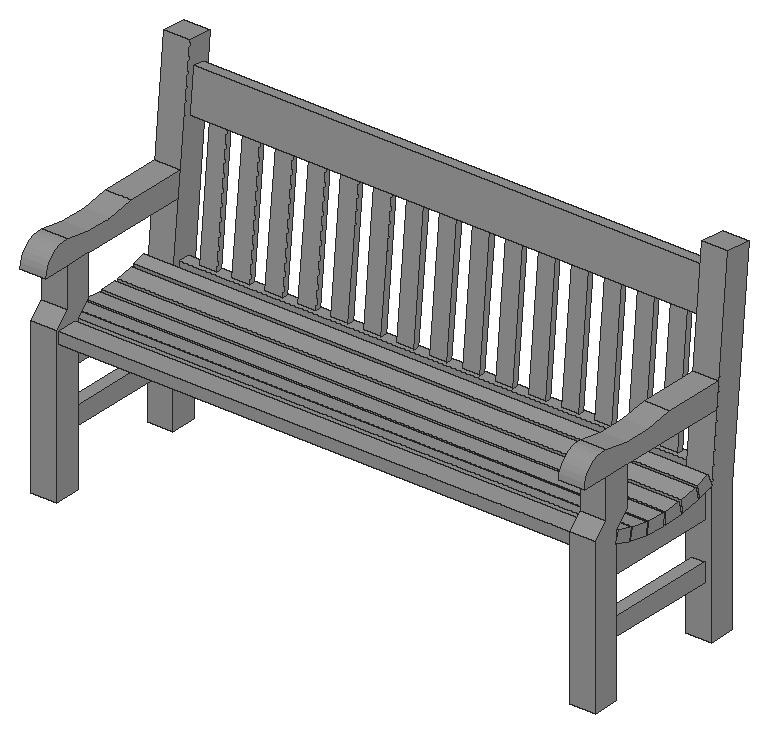
Revit family "Скамейка деревянная «Городец» Арт 15199", category Антураж, Revit 2018
Family settings
  На основе рабочей плоскости = Нет
  Всегда вертикально = Да
  При загрузке вырезать с полостями = Нет
  Источник визуального образа = Геометрия семейства
  Общий = Нет
  Точка расчета площади = Нет
Parameters (values of type "Скамейка деревянная «Городец»")
  Цвет лавки = Лиственница
  Описание = "Скамейка деревянная «Городец»"  # constant formula
  Материал изделия = "Дерево"  # constant formula
  Изображение типоразмера = Скамейка деревянная «Городец» Арт 15199.jpg
  Изготовитель = "ООО «Хоббика»"  # constant formula
  Длина = 1650 mm  # constant formula
  Ширина = 600 mm  # constant formula
  Группа модели = "Садовые скамейки"  # constant formula
  Высота = 1000 mm  # constant formula
  Артикул товара = "Арт. 15199"  # constant formula
  URL = "https://hobbyka.ru/product/skameyka_derevyannaya_gorodets/"
Reference planes
  plane 1 "По центру (Вперед/Назад)": y = 0
  plane 2: z = 0
  plane 3 "По центру (Влево/Вправо)": x = 0
  plane 4: x = 1650
  plane 5: y = 600
  plane 6: z = 1000
Forms (mm)
  Extrusion 1, solid, material "Лиственница" <- "Цвет лавки"
    sketch origin (0, 0, 0) x (0, 1, 0) y (0, 0, 1)
      loop
        line (540, 0) -> (540, 380) -> (599.301, 992.776) -> (524.65, 1000) -> (465, 401.599) -> (465, 0) -> (540, 0)
      loop
        line (40, 0) -> (115, 0) -> (115, 448.934) -> (153.891, 487.825) -> (153.891, 603.891) -> (78.891, 603.891) -> (78.891, 488.891) -> (40, 450) -> (40, 0)
    from 0 to 75
  Extrusion 2, solid, material "Лиственница" <- "Цвет лавки"
    sketch origin (0, 0, 0) x (0, 1, 0) y (0, 0, 1)
      loop
        line (465, 204.377) -> (115, 204.377) -> (115, 149.815) -> (465, 149.815) -> (465, 204.377)
      loop
        line (465, 314.377) -> (465, 401.599)
        arc (465, 401.599) -> (289.938, 370.167) -> (115, 402.277) r 497.855
        line (115, 402.277) -> (115, 314.377) -> (465, 314.377)
    from 20 to 55
  Extrusion 3, solid, material "Лиственница" <- "Цвет лавки"
    sketch origin (0, 0, 0) x (0, 1, 0) y (0, 0, 1)
      loop
        arc (78.891, 673.891) -> (24.212, 656.059) -> (0, 603.891) r 72.058
        line (0, 603.891) -> (486.316, 603.891) -> (493.091, 673.891) -> (313.891, 673.891)
        arc (313.891, 673.891) -> (196.391, 659.741) -> (78.891, 673.891) r 494.925
    from 0 to 75
  Extrusion 4, solid, material "Лиственница" <- "Цвет лавки"
    sketch origin (0, 0, 0) x (0, 1, 0) y (0, 0, 1)
      loop
        line (105, 448.934) -> (45, 448.934) -> (45, 413.934) -> (105, 413.934) -> (105, 448.934)
    from 75 to 1575
  Extrusion 5, solid, material "Лиственница" <- "Цвет лавки"
    sketch origin (0, 0, 0) x (0, 1, 0) y (0, 0, 1)
      loop
        arc (452.866, 444.78) -> (434.226, 438.718) -> (415.362, 433.395) r 498.393
        line (415.362, 433.395) -> (423.587, 398.554)
        arc (423.587, 398.554) -> (444.398, 404.354) -> (464.957, 410.994) r 532.879
        line (464.957, 410.994) -> (452.866, 444.78)
      loop
        arc (115.573, 411.467) -> (138.278, 404.12) -> (161.289, 397.796) r 532.879
        line (161.289, 397.796) -> (170.508, 431.631)
        arc (170.508, 431.631) -> (148.397, 437.6) -> (126.584, 444.579) r 497.762
        line (126.584, 444.579) -> (115.573, 411.467)
      loop
        arc (170.037, 395.68) -> (196.97, 390.134) -> (224.153, 385.985) r 532.879
        line (224.153, 385.985) -> (229.275, 420.877)
        arc (229.275, 420.877) -> (203.013, 424.785) -> (176.995, 430.085) r 498.393
        line (176.995, 430.085) -> (170.037, 395.68)
      loop
        arc (233.092, 384.932) -> (260.495, 382.653) -> (287.98, 381.79) r 532.879
        line (287.98, 381.79) -> (288.885, 417.231)
        arc (288.885, 417.231) -> (263.063, 417.93) -> (237.311, 419.966) r 498.393
        line (237.311, 419.966) -> (233.092, 384.932)
      loop
        arc (296.98, 381.816) -> (324.461, 382.837) -> (351.853, 385.274) r 532.879
        line (351.853, 385.274) -> (346.74, 420.533)
        arc (346.74, 420.533) -> (321.895, 418.287) -> (296.97, 417.287) r 498.393
        line (296.97, 417.287) -> (296.98, 381.816)
      loop
        arc (360.78, 386.378) -> (387.94, 390.683) -> (414.841, 396.385) r 532.879
        line (414.841, 396.385) -> (406.913, 431.268)
        arc (406.913, 431.268) -> (381.99, 425.895) -> (356.825, 421.804) r 498.393
        line (356.825, 421.804) -> (360.78, 386.378)
    from 0 to 1650
  Extrusion 6, solid, material "Лиственница" <- "Цвет лавки"
    sketch origin (1650, 0, 0) x (0, 1, 0) y (0, 0, -1)
      loop
        line (540, 0) -> (465, 0) -> (465, -401.599) -> (524.65, -1000) -> (599.301, -992.776) -> (540, -380) -> (540, 0)
      loop
        line (40, 0) -> (40, -450) -> (78.891, -488.891) -> (78.891, -603.891) -> (153.891, -603.891) -> (153.891, -487.825) -> (115, -448.934) -> (115, 0) -> (40, 0)
    from 0 to 75
  Extrusion 7, solid, material "Лиственница" <- "Цвет лавки"
    sketch origin (1650, 0, 0) x (0, 1, 0) y (0, 0, -1)
      loop
        line (465, -204.377) -> (465, -149.815) -> (115, -149.815) -> (115, -204.377) -> (465, -204.377)
      loop
        line (465, -314.377) -> (115, -314.377) -> (115, -402.277)
        arc (115, -402.277) -> (289.938, -370.167) -> (465, -401.599) r 497.855
        line (465, -401.599) -> (465, -314.377)
    from 20 to 55
  Extrusion 8, solid, material "Лиственница" <- "Цвет лавки"
    sketch origin (1650, 0, 0) x (0, 1, 0) y (0, 0, -1)
      loop
        arc (78.891, -673.891) -> (196.391, -659.741) -> (313.891, -673.891) r 494.925
        line (313.891, -673.891) -> (493.091, -673.891) -> (486.316, -603.891) -> (0, -603.891)
        arc (0, -603.891) -> (24.212, -656.059) -> (78.891, -673.891) r 72.058
    from 0 to 75
  Extrusion 9, solid, material "Лиственница" <- "Цвет лавки"
    sketch origin (0, 0, 0) x (0, 1, 0) y (0, 0, 1)
      loop
        line (572.651, 925.028) -> (537.613, 928.418) -> (525.225, 804.136) -> (560.611, 800.608) -> (572.651, 925.028)
      loop
        line (520, 439.377) -> (485, 439.377) -> (485, 314.377) -> (520, 314.377) -> (520, 439.377)
    from 75 to 1575
  Extrusion 10, solid, material "Лиственница" <- "Цвет лавки"
    sketch origin (0, 544.551, 998.016) x (0, 0.09919, 0.995069) y (-1, 0, 0)
      loop
        line (-194.841, -125) -> (-566.999, -125) -> (-566.999, -175) -> (-194.841, -175) -> (-194.841, -125)
    from -10 to -25
  Extrusion 11, solid, material "Лиственница" <- "Цвет лавки"
    sketch origin (1350, 544.551, 998.016) x (0, 0.09919, 0.995069) y (-1, 0, 0)
      loop
        line (-194.841, -125) -> (-566.999, -125) -> (-566.999, -175) -> (-194.841, -175) -> (-194.841, -125)
    from -10 to -25
  Extrusion 12, solid, material "Лиственница" <- "Цвет лавки"
    sketch origin (96.429, 544.551, 998.016) x (0, 0.09919, 0.995069) y (-1, 0, 0)
      loop
        line (-194.841, -125) -> (-566.999, -125) -> (-566.999, -175) -> (-194.841, -175) -> (-194.841, -125)
    from -10 to -25
  Extrusion 13, solid, material "Лиственница" <- "Цвет лавки"
    sketch origin (192.857, 544.551, 998.016) x (0, 0.09919, 0.995069) y (-1, 0, 0)
      loop
        line (-194.841, -125) -> (-566.999, -125) -> (-566.999, -175) -> (-194.841, -175) -> (-194.841, -125)
    from -10 to -25
  Extrusion 14, solid, material "Лиственница" <- "Цвет лавки"
    sketch origin (289.286, 544.551, 998.016) x (0, 0.09919, 0.995069) y (-1, 0, 0)
      loop
        line (-194.841, -125) -> (-566.999, -125) -> (-566.999, -175) -> (-194.841, -175) -> (-194.841, -125)
    from -10 to -25
  Extrusion 15, solid, material "Лиственница" <- "Цвет лавки"
    sketch origin (385.714, 544.551, 998.016) x (0, 0.09919, 0.995069) y (-1, 0, 0)
      loop
        line (-194.841, -125) -> (-566.999, -125) -> (-566.999, -175) -> (-194.841, -175) -> (-194.841, -125)
    from -10 to -25
  Extrusion 16, solid, material "Лиственница" <- "Цвет лавки"
    sketch origin (482.143, 544.551, 998.016) x (0, 0.09919, 0.995069) y (-1, 0, 0)
      loop
        line (-194.841, -125) -> (-566.999, -125) -> (-566.999, -175) -> (-194.841, -175) -> (-194.841, -125)
    from -10 to -25
  Extrusion 17, solid, material "Лиственница" <- "Цвет лавки"
    sketch origin (578.571, 544.551, 998.016) x (0, 0.09919, 0.995069) y (-1, 0, 0)
      loop
        line (-194.841, -125) -> (-566.999, -125) -> (-566.999, -175) -> (-194.841, -175) -> (-194.841, -125)
    from -10 to -25
  Extrusion 18, solid, material "Лиственница" <- "Цвет лавки"
    sketch origin (675, 544.551, 998.016) x (0, 0.09919, 0.995069) y (-1, 0, 0)
      loop
        line (-194.841, -125) -> (-566.999, -125) -> (-566.999, -175) -> (-194.841, -175) -> (-194.841, -125)
    from -10 to -25
  Extrusion 19, solid, material "Лиственница" <- "Цвет лавки"
    sketch origin (771.429, 544.551, 998.016) x (0, 0.09919, 0.995069) y (-1, 0, 0)
      loop
        line (-194.841, -125) -> (-566.999, -125) -> (-566.999, -175) -> (-194.841, -175) -> (-194.841, -125)
    from -10 to -25
  Extrusion 20, solid, material "Лиственница" <- "Цвет лавки"
    sketch origin (867.857, 544.551, 998.016) x (0, 0.09919, 0.995069) y (-1, 0, 0)
      loop
        line (-194.841, -125) -> (-566.999, -125) -> (-566.999, -175) -> (-194.841, -175) -> (-194.841, -125)
    from -10 to -25
  Extrusion 21, solid, material "Лиственница" <- "Цвет лавки"
    sketch origin (964.286, 544.551, 998.016) x (0, 0.09919, 0.995069) y (-1, 0, 0)
      loop
        line (-194.841, -125) -> (-566.999, -125) -> (-566.999, -175) -> (-194.841, -175) -> (-194.841, -125)
    from -10 to -25
  Extrusion 22, solid, material "Лиственница" <- "Цвет лавки"
    sketch origin (1060.714, 544.551, 998.016) x (0, 0.09919, 0.995069) y (-1, 0, 0)
      loop
        line (-194.841, -125) -> (-566.999, -125) -> (-566.999, -175) -> (-194.841, -175) -> (-194.841, -125)
    from -10 to -25
  Extrusion 23, solid, material "Лиственница" <- "Цвет лавки"
    sketch origin (1157.143, 544.551, 998.016) x (0, 0.09919, 0.995069) y (-1, 0, 0)
      loop
        line (-194.841, -125) -> (-566.999, -125) -> (-566.999, -175) -> (-194.841, -175) -> (-194.841, -125)
    from -10 to -25
  Extrusion 24, solid, material "Лиственница" <- "Цвет лавки"
    sketch origin (1253.571, 544.551, 998.016) x (0, 0.09919, 0.995069) y (-1, 0, 0)
      loop
        line (-194.841, -125) -> (-566.999, -125) -> (-566.999, -175) -> (-194.841, -175) -> (-194.841, -125)
    from -10 to -25
Dimensions and locks
  "Длина": plane 3 "По центру (Влево/Вправо)" to plane 4
  "Ширина": plane 5 to plane 1 "По центру (Вперед/Назад)"
  "Высота": plane 6 to plane 2
  equal spacing: group 1, group 3, group 4, group 5, group 6, group 7, group 8, group 9, group 10, group 11, group 12, group 13, group 14, group 15, group 2  (x3)
  aligned and locked: level to plane 2
Automatic sketch dimensions
  Extrusion 1 sketch curve to level = 0 mm  (x2)
  Extrusion 1 sketch curve to plane 6 = 0 mm
  Extrusion 1 sketch curve to plane 1 "По центру (Вперед/Назад)" = 40 mm
  Extrusion 1 sketch curve to Extrusion 1 sketch curve = 38.891 mm  (x2)
  Extrusion 1 sketch curve to Extrusion 1 sketch curve = 36.109 mm
  Extrusion 1 sketch curve to Extrusion 1 sketch curve = 75 mm
  Extrusion 1 sketch curve to plane 5 = 135 mm
  Extrusion 1 sketch curve to plane 5 = 75.35 mm
  Extrusion 1 sketch curve to plane 5 = 60 mm
  Extrusion 1 sketch curve to plane 5 = 0.699 mm
  level to Extrusion 1 sketch curve = 380 mm
  Extrusion 1 sketch curve to Extrusion 1 sketch curve = 21.599 mm
  Extrusion 1 sketch curve to Extrusion 1 sketch curve = 47.335 mm
  Extrusion 1 sketch curve to Extrusion 1 sketch curve = 1.066 mm
  Extrusion 1 sketch curve to Extrusion 1 sketch curve = 39.957 mm
  Extrusion 1 sketch curve to Extrusion 1 sketch curve = 116.066 mm
  Extrusion 2 sketch curve to plane 1 "По центру (Вперед/Назад)" = 115 mm
  Extrusion 2 sketch curve to Extrusion 2 sketch curve = 0 mm  (x2)
  Extrusion 2 sketch curve to plane 6 = 131.979 mm
  Extrusion 2 sketch curve to plane 1 "По центру (Вперед/Назад)" = 290.903 mm
  Extrusion 2 sketch curve to plane 5 = 135 mm
  level to Extrusion 2 sketch curve = 402.277 mm
  Extrusion 2 sketch curve to Extrusion 2 sketch curve = 87.222 mm
  Extrusion 2 sketch curve to Extrusion 2 sketch curve = 110 mm
  Extrusion 2 sketch curve to Extrusion 2 sketch curve = 54.562 mm
  Extrusion 3 sketch curve to plane 1 "По центру (Вперед/Назад)" = 0 mm
  Extrusion 3 sketch curve to plane 1 "По центру (Вперед/Назад)" = 72.037 mm
  Extrusion 3 sketch curve to plane 1 "По центру (Вперед/Назад)" = 196.391 mm
  Extrusion 3 sketch curve to Extrusion 3 sketch curve = 241.854 mm
  Extrusion 3 sketch curve to plane 5 = 113.684 mm
  Extrusion 3 sketch curve to Extrusion 3 sketch curve = 6.774 mm
  Extrusion 3 sketch curve to plane 6 = 397.84 mm
  Extrusion 3 sketch curve to plane 6 = 396.109 mm
  Extrusion 3 sketch curve to Extrusion 3 sketch curve = 70 mm
  plane 6 to Extrusion 3 sketch curve = 154.665 mm
  Extrusion 4 sketch curve to plane 1 "По центру (Вперед/Назад)" = 45 mm
  Extrusion 4 sketch curve to Extrusion 4 sketch curve = 60 mm
  level to Extrusion 4 sketch curve = 413.934 mm
  Extrusion 4 sketch curve to Extrusion 4 sketch curve = 35 mm
  Extrusion 6 sketch curve to level = 0 mm  (x2)
  Extrusion 6 sketch curve to plane 6 = 0 mm
  Extrusion 6 sketch curve to plane 1 "По центру (Вперед/Назад)" = 40 mm
  Extrusion 6 sketch curve to Extrusion 6 sketch curve = 38.891 mm  (x2)
  Extrusion 6 sketch curve to Extrusion 6 sketch curve = 36.109 mm
  Extrusion 6 sketch curve to Extrusion 6 sketch curve = 75 mm
  Extrusion 6 sketch curve to plane 5 = 135 mm
  Extrusion 6 sketch curve to plane 5 = 75.35 mm
  Extrusion 6 sketch curve to plane 5 = 60 mm
  Extrusion 6 sketch curve to plane 5 = 0.699 mm
  Extrusion 6 sketch curve to Extrusion 6 sketch curve = 7.224 mm
  Extrusion 6 sketch curve to plane 6 = 396.109 mm
  Extrusion 6 sketch curve to Extrusion 6 sketch curve = 115 mm
  Extrusion 6 sketch curve to Extrusion 6 sketch curve = 1.066 mm
  Extrusion 6 sketch curve to Extrusion 6 sketch curve = 39.957 mm
  Extrusion 6 sketch curve to Extrusion 6 sketch curve = 21.599 mm
  Extrusion 7 sketch curve to plane 1 "По центру (Вперед/Назад)" = 115 mm
  Extrusion 7 sketch curve to Extrusion 7 sketch curve = 0 mm  (x2)
  Extrusion 7 sketch curve to plane 6 = 131.979 mm
  Extrusion 7 sketch curve to plane 1 "По центру (Вперед/Назад)" = 290.903 mm
  Extrusion 7 sketch curve to plane 5 = 135 mm
  level to Extrusion 7 sketch curve = 402.277 mm
  Extrusion 7 sketch curve to Extrusion 7 sketch curve = 87.9 mm
  Extrusion 7 sketch curve to Extrusion 7 sketch curve = 110 mm
  Extrusion 7 sketch curve to Extrusion 7 sketch curve = 54.562 mm
  Extrusion 8 sketch curve to plane 1 "По центру (Вперед/Назад)" = 0 mm
  Extrusion 8 sketch curve to plane 1 "По центру (Вперед/Назад)" = 72.037 mm
  Extrusion 8 sketch curve to plane 1 "По центру (Вперед/Назад)" = 196.391 mm
  Extrusion 8 sketch curve to Extrusion 8 sketch curve = 241.854 mm
  Extrusion 8 sketch curve to plane 5 = 113.684 mm
  Extrusion 8 sketch curve to Extrusion 8 sketch curve = 6.774 mm
  plane 6 to Extrusion 8 sketch curve = 154.665 mm
  Extrusion 8 sketch curve to plane 6 = 326.109 mm
  Extrusion 8 sketch curve to Extrusion 8 sketch curve = 70 mm
  Extrusion 8 sketch curve to Extrusion 8 sketch curve = 1.731 mm
  Extrusion 5 sketch curve to Extrusion 5 sketch curve = 0 mm  (x50)
  Extrusion 5 sketch curve to plane 1 "По центру (Вперед/Назад)" = 115.573 mm
  Extrusion 5 sketch curve to Extrusion 5 sketch curve = 11.011 mm
  Extrusion 5 sketch curve to Extrusion 5 sketch curve = 45.716 mm
  Extrusion 5 sketch curve to Extrusion 5 sketch curve = 8.748 mm
  Extrusion 5 sketch curve to Extrusion 5 sketch curve = 9.218 mm
  Extrusion 5 sketch curve to Extrusion 5 sketch curve = 6.487 mm
  Extrusion 5 sketch curve to Extrusion 5 sketch curve = 54.116 mm
  Extrusion 5 sketch curve to Extrusion 5 sketch curve = 5.122 mm
  Extrusion 5 sketch curve to Extrusion 5 sketch curve = 8.939 mm
  Extrusion 5 sketch curve to Extrusion 5 sketch curve = 8.036 mm
  Extrusion 5 sketch curve to Extrusion 5 sketch curve = 54.888 mm
  Extrusion 5 sketch curve to Extrusion 5 sketch curve = 0.905 mm
  Extrusion 5 sketch curve to plane 6 = 84.952 mm
  Extrusion 5 sketch curve to plane 1 "По центру (Вперед/Назад)" = 289.144 mm
  Extrusion 5 sketch curve to Extrusion 5 sketch curve = 0.316 mm
  Extrusion 5 sketch curve to Extrusion 5 sketch curve = 1.487 mm
  Extrusion 5 sketch curve to Extrusion 5 sketch curve = 8.084 mm
  Extrusion 5 sketch curve to Extrusion 5 sketch curve = 9 mm
  Extrusion 5 sketch curve to Extrusion 5 sketch curve = 49.77 mm
  Extrusion 5 sketch curve to Extrusion 5 sketch curve = 5.113 mm
  Extrusion 5 sketch curve to Extrusion 5 sketch curve = 10.085 mm
  Extrusion 5 sketch curve to Extrusion 5 sketch curve = 8.927 mm
  Extrusion 5 sketch curve to Extrusion 5 sketch curve = 50.088 mm
  Extrusion 5 sketch curve to Extrusion 5 sketch curve = 7.929 mm
  Extrusion 5 sketch curve to Extrusion 5 sketch curve = 8.449 mm
  Extrusion 5 sketch curve to Extrusion 5 sketch curve = 8.746 mm
  Extrusion 5 sketch curve to Extrusion 5 sketch curve = 37.505 mm
  Extrusion 5 sketch curve to Extrusion 5 sketch curve = 12.09 mm
  Extrusion 5 sketch curve to Extrusion 5 sketch curve = 0.388 mm
  level to Extrusion 5 sketch curve = 444.78 mm
  Extrusion 5 sketch curve to Extrusion 5 sketch curve = 0.2 mm
  Extrusion 5 sketch curve to Extrusion 5 sketch curve = 11.385 mm
  Extrusion 5 sketch curve to Extrusion 5 sketch curve = 2.127 mm
  Extrusion 5 sketch curve to Extrusion 5 sketch curve = 1.546 mm
  Extrusion 5 sketch curve to Extrusion 5 sketch curve = 1.271 mm
  Extrusion 5 sketch curve to Extrusion 5 sketch curve = 0.911 mm
  Extrusion 5 sketch curve to Extrusion 5 sketch curve = 33.112 mm
  Extrusion 5 sketch curve to Extrusion 5 sketch curve = 33.786 mm
  Extrusion 5 sketch curve to Extrusion 5 sketch curve = 2.169 mm
  Extrusion 5 sketch curve to Extrusion 5 sketch curve = 2.116 mm
  Extrusion 5 sketch curve to Extrusion 5 sketch curve = 1.103 mm
  Extrusion 5 sketch curve to Extrusion 5 sketch curve = 1.053 mm
  Extrusion 9 sketch curve to plane 5 = 115 mm
  Extrusion 9 sketch curve to Extrusion 9 sketch curve = 35 mm
  Extrusion 9 sketch curve to plane 5 = 74.775 mm
  Extrusion 9 sketch curve to plane 5 = 62.387 mm
  Extrusion 9 sketch curve to Extrusion 9 sketch curve = 35.386 mm
  Extrusion 9 sketch curve to Extrusion 9 sketch curve = 35.038 mm
  level to Extrusion 9 sketch curve = 314.377 mm
  Extrusion 9 sketch curve to Extrusion 9 sketch curve = 125 mm
  Extrusion 9 sketch curve to plane 6 = 199.392 mm
  Extrusion 9 sketch curve to Extrusion 9 sketch curve = 3.527 mm
  Extrusion 10 sketch curve to Extrusion 10 sketch curve = 372.158 mm
  Extrusion 10 sketch curve to Extrusion 10 sketch curve = 50 mm
  Extrusion 11 sketch curve to Extrusion 11 sketch curve = 372.158 mm
  Extrusion 11 sketch curve to Extrusion 11 sketch curve = 50 mm
  Extrusion 12 sketch curve to Extrusion 12 sketch curve = 372.158 mm
  Extrusion 12 sketch curve to Extrusion 12 sketch curve = 50 mm
  Extrusion 13 sketch curve to Extrusion 13 sketch curve = 372.158 mm
  Extrusion 13 sketch curve to Extrusion 13 sketch curve = 50 mm
  Extrusion 14 sketch curve to Extrusion 14 sketch curve = 372.158 mm
  Extrusion 14 sketch curve to Extrusion 14 sketch curve = 50 mm
  Extrusion 15 sketch curve to Extrusion 15 sketch curve = 372.158 mm
  Extrusion 15 sketch curve to Extrusion 15 sketch curve = 50 mm
  Extrusion 16 sketch curve to Extrusion 16 sketch curve = 372.158 mm
  Extrusion 16 sketch curve to Extrusion 16 sketch curve = 50 mm
  Extrusion 17 sketch curve to Extrusion 17 sketch curve = 372.158 mm
  Extrusion 17 sketch curve to Extrusion 17 sketch curve = 50 mm
  Extrusion 18 sketch curve to Extrusion 18 sketch curve = 372.158 mm
  Extrusion 18 sketch curve to Extrusion 18 sketch curve = 50 mm
  Extrusion 19 sketch curve to Extrusion 19 sketch curve = 372.158 mm
  Extrusion 19 sketch curve to Extrusion 19 sketch curve = 50 mm
  Extrusion 20 sketch curve to Extrusion 20 sketch curve = 372.158 mm
  Extrusion 20 sketch curve to Extrusion 20 sketch curve = 50 mm
  Extrusion 21 sketch curve to Extrusion 21 sketch curve = 372.158 mm
  Extrusion 21 sketch curve to Extrusion 21 sketch curve = 50 mm
  Extrusion 22 sketch curve to Extrusion 22 sketch curve = 372.158 mm
  Extrusion 22 sketch curve to Extrusion 22 sketch curve = 50 mm
  Extrusion 23 sketch curve to Extrusion 23 sketch curve = 372.158 mm
  Extrusion 23 sketch curve to Extrusion 23 sketch curve = 50 mm
  Extrusion 24 sketch curve to Extrusion 24 sketch curve = 372.158 mm
  Extrusion 24 sketch curve to Extrusion 24 sketch curve = 50 mm
